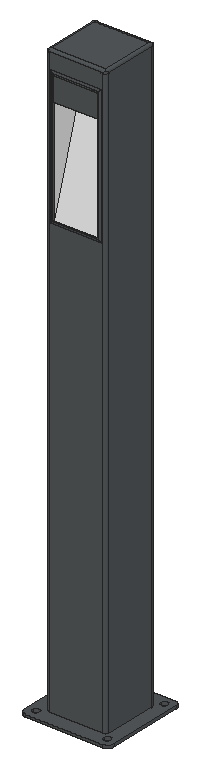
Revit family "svetilnik_alfresco_ar deko_dtu19", category Lighting Fixtures, Revit 2016 (continued)
Definition of nested family "Источник света Ар_Деко"
  Types (5, lengths in mm): name | Photometric Web File | built-in parameter 1150142
      17.1\r\n      70.7     127.6     169.2     200.9     233.3     270.9     318.0     360.7\r\n     412.2     478.7     503.3     505.5     507.3     507.4     503.8     503.1\r\n     503.7     501.1     501.8     500.2     497.7     495.5     490.5     489.3\r\n     486.2     483.3     479.6     478.9     475.2     473.6     465.7     460.3\r\n     458.4     453.9     450.2     443.7     436.4     434.0     427.0     424.6\r\n     420.4     413.0     405.2     393.4     376.0     350.9     326.7     296.4\r\n     278.8     261.1     242.1     230.1     219.4     206.0     188.9     175.8\r\n     164.5     149.4     137.8     125.5     112.2      96.6      78.5      64.0\r\n      51.0      39.0      23.5       7.4       1.4       0.2       0.2       0.2\r\n       0.2       0.2       0.2       0.2       0.2       0.2       0.2       0.2\r\n       0.2       0.2       0.2       0.2       0.2       0.2       0.2       0.2\r\n       0.2       0.2       0.2       0.2       0.2       0.2       0.2       0.2\r\n       0.2       0.2       0.2       0.2       0.2       0.2       0.2       0.2\r\n       0.2       0.2       0.2       0.2       0.2       0.2       0.2       0.2\r\n       0.2       0.2       0.2       0.2       0.2       0.2       0.2       0.2\r\n       0.2       0.2       0.2       0.2       0.2       0.2       0.2       0.2\r\n       0.2       0.2       0.2       0.2       0.2       0.2       0.2       0.2\r\n       0.2       0.2       0.2       0.2       0.2       0.2       0.2       0.2\r\n       0.2       0.2       0.2       0.2       0.2       0.2       0.2       0.2\r\n       0.2       0.2       0.2       0.1       0.1       0.1       0.0       0.0\r\n       0.0       0.1       0.0       0.0       0.0\r\n       0.0       0.0       0.3       0.2       0.2       0.2       0.2       0.2\r\n       0.2       0.3       0.3       0.3       0.3       0.3       5.4      42.1\r\n     104.4     155.2     190.4     224.0     260.7     306.6     353.2     401.1\r\n     468.3     505.9     515.3     514.4     515.1     513.3     511.9     512.3\r\n     511.4     508.1     503.7     502.5     502.3     499.8     501.4     499.0\r\n     495.2     490.1     489.9     484.8     484.4     476.4     476.3     476.7\r\n     471.3     463.1     458.1     455.8     447.8     442.1     439.2     432.1\r\n     425.8     417.7     407.5     391.4     367.5     337.0     309.3     291.4\r\n     274.2     260.3     243.4     230.0     218.1     199.7     186.0     177.4\r\n     163.4     147.4     136.6     125.3     106.9      91.7      75.2      63.9\r\n      54.9      38.2      20.3       2.6       0.3       0.2       0.2       0.2\r\n       0.2       0.2       0.2       0.2       0.2       0.2       0.2       0.2\r\n       0.2       0.2       0.2       0.2       0.2       0.2       0.2       0.2\r\n       0.2       0.2       0.2       0.2       0.2       0.2       0.2       0.2\r\n       0.2       0.2       0.2       0.2       0.2       0.2       0.2       0.2\r\n       0.2       0.2       0.2       0.2       0.2       0.2       0.2       0.2\r\n       0.2       0.2       0.2       0.2       0.2       0.2       0.2       0.2\r\n       0.2       0.2       0.2       0.2       0.2       0.2       0.2       0.2\r\n       0.2       0.2       0.2       0.2       0.2       0.2       0.2       0.2\r\n       0.2       0.2       0.2       0.2       0.2       0.2       0.2       0.2\r\n       0.2       0.2       0.2       0.2       0.2       0.2       0.2       0.2\r\n       0.2       0.2       0.2       0.1       0.1       0.1       0.0       0.0\r\n       0.0       0.1       0.0       0.0       0.0\r\n       0.0       0.0       0.3       0.2       0.3       0.2       0.2       0.2\r\n       0.2       0.3       0.3       0.3       0.3       0.5      14.8      70.1\r\n     134.3     177.3     210.4     247.0     291.6     339.1     382.2     449.7\r\n     510.8     519.7     519.7     521.6     521.5     517.1     518.0     517.1\r\n     515.1     514.8     513.7     513.0     512.1     512.4     507.9     502.8\r\n     502.5     500.8     495.2     492.0     487.9     492.2     486.0     476.8\r\n     475.7     472.9     466.5     459.8     457.2     451.4     446.4     441.2\r\n     432.4     420.4     405.7     381.4     353.1     326.7     306.2     291.8\r\n     273.0     256.2     245.4     234.2     216.9     202.7     190.6     180.3\r\n     165.8     148.6     139.2     124.4     105.4      89.4      76.2      64.5\r\n      51.4      33.9      16.4       3.6       0.3       0.2       0.2       0.2\r\n       0.2       0.2       0.2       0.2       0.2       0.2       0.2       0.2\r\n       0.2       0.2       0.2       0.2       0.2       0.2       0.2       0.2\r\n       0.2       0.2       0.2       0.2       0.2       0.2       0.2       0.2\r\n       0.2       0.2       0.2       0.2       0.2       0.2       0.2       0.2\r\n       0.2       0.2       0.2       0.2       0.2       0.2       0.2       0.2\r\n       0.2       0.2       0.2       0.2       0.2       0.2       0.2       0.2\r\n       0.2       0.2       0.2       0.2       0.2       0.2       0.2       0.2\r\n       0.2       0.2       0.2       0.2       0.2       0.2       0.2       0.2\r\n       0.2       0.2       0.2       0.2       0.2       0.2       0.2       0.2\r\n       0.2       0.2       0.2       0.2       0.2       0.2       0.2       0.2\r\n       0.2       0.2       0.2       0.1       0.1       0.1       0.0       0.0\r\n       0.0       0.1       0.0       0.0       0.0\r\n       0.0       0.0       0.3       0.2       0.3       0.2       0.2       0.2\r\n       0.2       0.3       0.3       0.3       0.3       1.4      33.1      96.2\r\n     153.9     193.3     228.3     268.6     317.0     360.6     413.7     488.5\r\n     517.8     521.4     520.2     519.8     521.0     518.9     521.0     519.8\r\n     518.2     519.0     520.0     517.6     516.1     515.6     513.2     511.7\r\n     509.3     504.9     501.8     500.4     497.1     489.2     487.4     484.4\r\n     479.2     472.6     470.9     469.3     462.8     457.2     450.3     443.3\r\n     433.7     420.6     392.5     364.2     337.4     315.8     302.3     283.5\r\n     267.5     254.6     245.0     227.3     209.2     200.5     190.2     172.2\r\n     157.6     146.6     134.6     119.2     103.9      86.7      72.5      63.8\r\n      44.9      26.1       9.7       1.4       0.2       0.2       0.2       0.2\r\n       0.2       0.2       0.2       0.2       0.2       0.2       0.2       0.2\r\n       0.2       0.2       0.2       0.2       0.2       0.2       0.2       0.2\r\n       0.2       0.2       0.2       0.2       0.2       0.2       0.2       0.2\r\n       0.2       0.2       0.2       0.2       0.2       0.2       0.2       0.2\r\n       0.2       0.2       0.2       0.2       0.2       0.2       0.2       0.2\r\n       0.2       0.2       0.2       0.2       0.2       0.2       0.2       0.2\r\n       0.2       0.2       0.2       0.2       0.2       0.2       0.2       0.2\r\n       0.2       0.2       0.2       0.2       0.2       0.2       0.2       0.2\r\n       0.2       0.2       0.2       0.2       0.2       0.2       0.2       0.2\r\n       0.2       0.2       0.2       0.2       0.2       0.2       0.2       0.2\r\n       0.2       0.2       0.2       0.1       0.1       0.1       0.0       0.0\r\n       0.0       0.1       0.0       0.0       0.0\r\n       0.0       0.0       0.3       0.2       0.3       0.2       0.2       0.2\r\n       0.2       0.3       0.3       0.3       0.3       4.8      57.0     121.9\r\n     168.3     205.0     244.5     288.2     334.0     383.8     451.8     509.6\r\n     518.4     519.8     522.3     523.9     524.9     525.5     524.3     523.7\r\n     523.2     523.8     519.7     521.7     519.5     517.7     514.9     511.4\r\n     509.2     509.4     509.6     505.6     501.1     499.3     493.0     487.0\r\n     486.7     485.6     478.7     472.2     465.9     458.7     453.0     446.0\r\n     435.5     415.2     391.0     362.2     336.0     317.7     298.6     284.1\r\n     271.3     260.4     248.3     230.6     214.8     204.5     194.0     174.1\r\n     161.1     151.6     137.4     119.1     102.8      85.1      73.6      62.6\r\n      48.0      26.5       8.5       0.7       0.2       0.2       0.2       0.2\r\n       0.2       0.2       0.2       0.2       0.2       0.2       0.2       0.2\r\n       0.2       0.2       0.2       0.2       0.2       0.2       0.2       0.2\r\n       0.2       0.2       0.2       0.2       0.2       0.2       0.2       0.2\r\n       0.2       0.2       0.2       0.2       0.2       0.2       0.2       0.2\r\n       0.2       0.2       0.2       0.2       0.2       0.2       0.2       0.2\r\n       0.2       0.2       0.2       0.2       0.2       0.2       0.2       0.2\r\n       0.2       0.2       0.2       0.2       0.2       0.2       0.2       0.2\r\n       0.2       0.2       0.2       0.2       0.2       0.2       0.2       0.2\r\n       0.2       0.2       0.2       0.2       0.2       0.2       0.2       0.2\r\n       0.2       0.2       0.2       0.2       0.2       0.2       0.2       0.2\r\n       0.2       0.2       0.2       0.1       0.1       0.1       0.0       0.0\r\n       0.0       0.1       0.0       0.0       0.0\r\n       0.0       0.0       0.3       0.2       0.3       0.2       0.2       0.2\r\n       0.2       0.3       0.3       0.3       0.3      13.8      78.5     141.8\r\n     183.3     221.0     261.1     306.3     351.7     416.3     488.6     518.7\r\n     521.9     522.4     526.0     526.3     525.0     527.3     523.8     525.3\r\n     525.6     523.5     526.1     522.7     520.1     516.7     515.5     513.7\r\n     515.2     511.0     504.9     505.7     502.5     498.1     500.2     495.8\r\n     488.1     481.5     478.2     472.3     469.0     467.0     462.5     452.1\r\n     432.6     399.2     369.5     344.7     326.4     313.1     297.3     279.2\r\n     267.9     259.3     240.2     223.7     215.5     202.9     186.8     171.8\r\n     161.9     151.6     133.1     118.7      99.3      82.3      72.0      54.8\r\n      35.6      17.2       4.5       0.5       0.2       0.2       0.2       0.2\r\n       0.2       0.2       0.2       0.2       0.2       0.2       0.2       0.2\r\n       0.2       0.2       0.2       0.2       0.2       0.2       0.2       0.2\r\n       0.2       0.2       0.2       0.2       0.2       0.2       0.2       0.2\r\n       0.2       0.2       0.2       0.2       0.2       0.2       0.2       0.2\r\n       0.2       0.2       0.2       0.2       0.2       0.2       0.2       0.2\r\n       0.2       0.2       0.2       0.2       0.2       0.2       0.2       0.2\r\n       0.2       0.2       0.2       0.2       0.2       0.2       0.2       0.2\r\n       0.2       0.2       0.2       0.2       0.2       0.2       0.2       0.2\r\n       0.2       0.2       0.2       0.2       0.2       0.2       0.2       0.2\r\n       0.2       0.2       0.2       0.2       0.2       0.3       0.3       0.2\r\n       0.2       0.2       0.2       0.1       0.1       0.1       0.0       0.1\r\n       0.1       0.1       0.0       0.0       0.0\r\n       0.0       0.0       0.3       0.2       0.3       0.2       0.2       0.2\r\n       0.3       0.3       0.3       0.3       0.5      27.7      98.1     156.7\r\n     200.1     240.8     281.7     327.0     377.5     451.7     514.6     526.2\r\n     529.5     531.5     530.1     530.7     529.3     528.6     530.3     530.2\r\n     529.8     527.5     522.1     524.1     526.6     526.8     524.1     522.6\r\n     519.6     522.4     516.4     510.0     506.4     505.1     499.7     491.9\r\n     490.7     487.4     483.4     481.6     474.6     465.6     458.0     439.7\r\n     418.2     393.1     365.6     343.1     326.1     307.9     292.8     280.7\r\n     271.9     258.6     239.0     222.4     212.3     202.2     182.4     168.8\r\n     160.2     144.4     130.1     111.9      95.2      81.1      72.6      59.8\r\n      40.0      17.4       2.3       0.2       0.2       0.2       0.2       0.2\r\n       0.2       0.2       0.2       0.2       0.2       0.2       0.2       0.2\r\n       0.2       0.2       0.2       0.2       0.2       0.2       0.2       0.2\r\n       0.2       0.2       0.2       0.2       0.2       0.2       0.2       0.2\r\n       0.2       0.2       0.2       0.2       0.2       0.2       0.2       0.2\r\n       0.2       0.2       0.2       0.2       0.2       0.2       0.2       0.2\r\n       0.2       0.2       0.2       0.2       0.2       0.2       0.2       0.2\r\n       0.2       0.2       0.2       0.2       0.2       0.2       0.2       0.2\r\n       0.2       0.2       0.2       0.2       0.2       0.2       0.2       0.2\r\n       0.2       0.2       0.2       0.2       0.2       0.2       0.2       0.2\r\n       0.2       0.2       0.2       0.2       0.2       0.3       0.3       0.2\r\n       0.2       0.2       0.2       0.1       0.1       0.1       0.0       0.1\r\n       0.1       0.1       0.0       0.0       0.0\r\n       0.0       0.0       0.3       0.2       0.3       0.2       0.2       0.2\r\n       0.3       0.3       0.3       0.3       0.9      43.2     115.9     169.9\r\n     214.3     254.2     298.3     350.3     408.5     488.3     531.2     535.2\r\n     535.3     536.0     534.6     532.2     532.0     533.0     531.1     529.1\r\n     526.0     528.2     531.8     529.5     529.6     528.6     522.4     522.1\r\n     518.2     512.8     509.7     508.5     506.5     505.9     500.0     498.0\r\n     496.0     491.2     485.8     478.5     476.8     470.8     460.2     442.0\r\n     412.6     383.3     355.3     338.2     325.9     308.0     291.6     278.3\r\n     265.0     247.2     230.5     223.1     214.2     199.4     180.5     171.7\r\n     164.3     145.1     126.6     107.6      90.0      79.9      66.5      49.2\r\n      30.2      11.2       0.9       0.2       0.2       0.2       0.2       0.2\r\n       0.2       0.2       0.2       0.2       0.2       0.2       0.2       0.2\r\n       0.2       0.2       0.2       0.2       0.2       0.2       0.2       0.2\r\n       0.2       0.2       0.2       0.2       0.2       0.2       0.2       0.2\r\n       0.2       0.2       0.2       0.2       0.2       0.2       0.2       0.2\r\n       0.2       0.2       0.2       0.2       0.2       0.2       0.2       0.2\r\n       0.2       0.2       0.2       0.2       0.2       0.2       0.2       0.2\r\n       0.2       0.2       0.2       0.2       0.2       0.2       0.2       0.2\r\n       0.2       0.2       0.2       0.2       0.3       0.2       0.2       0.2\r\n       0.2       0.2       0.2       0.2       0.2       0.2       0.2       0.2\r\n       0.2       0.2       0.3       0.3       0.2       0.3       0.3       0.2\r\n       0.2       0.2       0.2       0.1       0.1       0.1       0.1       0.1\r\n       0.1       0.1       0.0       0.0       0.0\r\n       0.0       0.0       0.3       0.2       0.3       0.2       0.2       0.2\r\n       0.3       0.3       0.3       0.3       2.0      60.9     130.4     179.8\r\n     221.7     258.7     308.2     361.1     432.1     516.3     537.6     537.3\r\n     537.1     535.2     532.5     533.8     533.3     533.0     531.4     529.7\r\n     532.8     530.8     529.4     525.7     520.0     520.7     518.7     518.2\r\n     517.4     514.0     514.6     510.8     506.0     504.1     501.9     498.7\r\n     494.7     491.4     490.1     485.6     479.9     469.5     451.1     431.8\r\n     405.0     374.5     351.7     334.2     322.0     301.8     287.1     281.6\r\n     267.1     247.4     233.7     224.9     213.1     196.7     183.6     173.3\r\n     162.7     142.5     125.3     105.4      90.3      81.3      66.3      50.3\r\n      31.3      11.8       1.5       0.2       0.2       0.2       0.2       0.2\r\n       0.2       0.2       0.2       0.2       0.2       0.2       0.2       0.2\r\n       0.2       0.2       0.2       0.2       0.2       0.2       0.2       0.2\r\n       0.2       0.2       0.2       0.2       0.2       0.2       0.2       0.2\r\n       0.2       0.2       0.2       0.2       0.2       0.2       0.2       0.2\r\n       0.2       0.2       0.2       0.2       0.2       0.2       0.2       0.2
      \r\n       0.2       0.2       0.2       0.2       0.2       0.2       0.2       0.2\r\n       0.2       0.2       0.2       0.2       0.2       0.2       0.2       0.2\r\n       0.2       0.2       0.2       0.2       0.3       0.2       0.2       0.2\r\n       0.2       0.2       0.3       0.3       0.2       0.3       0.3       0.3\r\n       0.3       0.3       0.3       0.2       0.2       0.3       0.3       0.2\r\n       0.2       0.2       0.2       0.2       0.1       0.1       0.1       0.1\r\n       0.1       0.1       0.0       0.0       0.0\r\n       0.0       0.0       0.3       0.2       0.3       0.2       0.2       0.2\r\n       0.3       0.3       0.3       0.3       4.6      78.9     142.8     185.9\r\n     223.5     262.1     318.1     370.2     458.1     526.7     535.8     533.9\r\n     533.3     532.6     534.8     534.8     534.7     533.1     535.8     535.6\r\n     535.7     535.4     531.6     532.7     531.1     524.8     522.6     522.4\r\n     517.1     515.0     512.4     511.3     510.4     507.2     504.4     500.2\r\n     495.5     493.1     489.6     486.2     479.2     471.1     450.6     421.7\r\n     391.2     365.6     348.9     339.1     318.4     302.9     291.3     277.1\r\n     263.7     243.6     235.5     228.9     210.2     192.3     180.0     172.6\r\n     155.7     137.7     122.3     103.6      91.6      83.6      66.9      43.2\r\n      19.9       5.3       0.9       0.2       0.2       0.2       0.2       0.2\r\n       0.2       0.2       0.2       0.2       0.2       0.2       0.2       0.2\r\n       0.2       0.2       0.2       0.2       0.2       0.2       0.2       0.2\r\n       0.2       0.2       0.2       0.2       0.2       0.2       0.2       0.2\r\n       0.2       0.2       0.2       0.2       0.2       0.2       0.2       0.2\r\n       0.2       0.2       0.2       0.2       0.2       0.2       0.2       0.2\r\n       0.2       0.2       0.2       0.2       0.2       0.2       0.2       0.2\r\n       0.2       0.2       0.2       0.2       0.2       0.2       0.2       0.2\r\n       0.2       0.2       0.2       0.3       0.3       0.3       0.2       0.3\r\n       0.2       0.3       0.3       0.3       0.3       0.3       0.3       0.3\r\n       0.3       0.3       0.3       0.3       0.2       0.3       0.3       0.3\r\n       0.3       0.2       0.2       0.2       0.1       0.1       0.1       0.1\r\n       0.1       0.1       0.0       0.0       0.0\r\n       0.0       0.0       0.3       0.2       0.3       0.2       0.2       0.2\r\n       0.3       0.4       0.3       0.4      10.6      91.2     152.8     193.3\r\n     230.4     273.9     332.1     387.0     483.5     527.0     529.1     529.4\r\n     531.5     532.1     536.3     536.5     537.8     536.7     535.4     534.9\r\n     532.4     531.9     530.5     529.1     529.4     528.0     526.3     524.6\r\n     525.1     522.4     517.3     512.3     511.7     507.9     504.6     502.8\r\n     500.7     498.3     492.5     485.9     477.2     465.6     443.3     418.5\r\n     391.4     362.9     344.9     330.7     313.0     297.6     290.6     281.1\r\n     263.8     246.0     234.3     224.1     209.5     195.4     181.9     171.7\r\n     155.3     138.6     124.0     103.1      91.1      79.4      62.1      44.5\r\n      23.2       5.7       0.5       0.2       0.2       0.2       0.2       0.2\r\n       0.2       0.2       0.2       0.2       0.2       0.2       0.2       0.2\r\n       0.2       0.2       0.2       0.2       0.2       0.2       0.2       0.2\r\n       0.2       0.2       0.2       0.2       0.2       0.2       0.2       0.2\r\n       0.2       0.2       0.2       0.2       0.2       0.2       0.2       0.2\r\n       0.2       0.2       0.2       0.2       0.2       0.2       0.2       0.2\r\n       0.2       0.2       0.2       0.2       0.2       0.2       0.2       0.2\r\n       0.2       0.2       0.2       0.2       0.2       0.2       0.2       0.3\r\n       0.3       0.3       0.2       0.3       0.3       0.3       0.3       0.3\r\n       0.3       0.3       0.3       0.3       0.3       0.3       0.3       0.3\r\n       0.3       0.3       0.3       0.3       0.3       0.3       0.3       0.3\r\n       0.3       0.2       0.2       0.2       0.1       0.1       0.1       0.1\r\n       0.1       0.1       0.0       0.0       0.0\r\n       0.0       0.0       0.3       0.2       0.3       0.2       0.2       0.2\r\n       0.3       0.4       0.3       0.4      19.5      97.9     159.2     203.3\r\n     245.7     295.2     350.0     404.0     496.9     525.7     524.4     525.9\r\n     528.8     531.2     533.4     534.8     536.6     538.5     538.2     539.2\r\n     538.2     540.7     540.6     536.5     534.0     532.2     531.4     526.1\r\n     526.9     524.4     521.8     521.5     519.9     514.6     513.7     509.8\r\n     498.4     495.1     493.8     488.0     480.8     466.4     440.6     408.7\r\n     379.6     362.8     346.4     330.2     310.8     298.1     290.5     272.1\r\n     256.8     243.4     235.9     223.3     203.5     188.3     179.2     168.8\r\n     150.6     134.1     115.7     101.8      91.0      78.6      60.2      38.3\r\n      17.5       3.9       0.6       0.2       0.2       0.2       0.2       0.2\r\n       0.2       0.2       0.2       0.2       0.2       0.2       0.2       0.2\r\n       0.2       0.2       0.2       0.2       0.2       0.2       0.2       0.2\r\n       0.2       0.2       0.2       0.2       0.2       0.2       0.2       0.2\r\n       0.2       0.2       0.2       0.2       0.2       0.2       0.2       0.2\r\n       0.2       0.2       0.2       0.2       0.2       0.2       0.2       0.2\r\n       0.2       0.2       0.2       0.3       0.2       0.2       0.3       0.2\r\n       0.2       0.2       0.3       0.2       0.3       0.2       0.3       0.3\r\n       0.3       0.3       0.3       0.3       0.3       0.3       0.3       0.3\r\n       0.3       0.3       0.3       0.3       0.3       0.3       0.3       0.3\r\n       0.3       0.3       0.3       0.3       0.3       0.3       0.3       0.3\r\n       0.3       0.3       0.3       0.2       0.1       0.1       0.1       0.1\r\n       0.1       0.1       0.0       0.0       0.0\r\n       0.0       0.0       0.3       0.2       0.3       0.2       0.2       0.2\r\n       0.3       0.4       0.3       0.4      27.1     103.7     162.8     210.4\r\n     255.5     309.3     364.3     425.8     510.3     529.1     530.1     531.7\r\n     534.6     534.5     535.2     538.5     534.0     540.3     539.5     538.3\r\n     540.7     536.3     536.0     536.8     535.5     531.1     530.8     530.1\r\n     526.4     524.1     525.1     522.4     521.5     515.4     513.3     512.8\r\n     508.9     506.9     502.3     496.8     490.9     468.4     443.5     414.8\r\n     386.1     363.2     350.0     332.8     313.4     300.0     291.4     276.8\r\n     258.7     244.6     235.6     223.8     206.8     194.0     185.6     173.6\r\n     152.3     136.6     116.8      97.9      87.4      74.9      59.9      38.1\r\n      17.2       2.9       0.3       0.3       0.2       0.2       0.2       0.3\r\n       0.2       0.2       0.3       0.3       0.2       0.2       0.2       0.2\r\n       0.2       0.2       0.2       0.2       0.2       0.2       0.2       0.2\r\n       0.3       0.2       0.2       0.2       0.2       0.2       0.3       0.2\r\n       0.2       0.2       0.2       0.3       0.3       0.3       0.3       0.2\r\n       0.2       0.3       0.2       0.3       0.3       0.3       0.3       0.3\r\n       0.3       0.3       0.3       0.3       0.3       0.3       0.3       0.3\r\n       0.3       0.3       0.3       0.3       0.3       0.3       0.3       0.3\r\n       0.3       0.3       0.3       0.3       0.3       0.3       0.3       0.3\r\n       0.3       0.3       0.3       0.3       0.3       0.3       0.3       0.3\r\n       0.3       0.3       0.3       0.3       0.3       0.3       0.3       0.3\r\n       0.3       0.3       0.3       0.2       0.1       0.1       0.1       0.1\r\n       0.1       0.1       0.0       0.0       0.0\r\n       0.0       0.0       0.3       0.2       0.3       0.2       0.2       0.2\r\n       0.3       0.4       0.3       0.6      31.4     109.5     166.2     212.1\r\n     254.3     309.1     362.6     435.6     513.3     535.3     537.2     539.5\r\n     537.0     540.4     539.5     539.5     539.6     539.4     537.3     538.8\r\n     537.9     538.1     537.0     536.2     539.1     541.1     538.4     538.2\r\n     538.6     537.6     532.5     525.5     520.7     518.0     517.1     513.8\r\n     508.3     506.1     504.3     499.0     484.4     463.9     431.7     401.4\r\n     376.5     358.3     347.3     327.1     306.1     298.5     290.2     274.7\r\n     259.1     247.4     238.4     223.1     203.6     190.6     182.0     167.2\r\n     147.1     131.8     112.2      98.5      88.8      76.2      56.0      35.6\r\n      16.4       2.5       0.3       0.3       0.3       0.3       0.3       0.3\r\n       0.3       0.3       0.3       0.3       0.3       0.3       0.3       0.3\r\n       0.3       0.3       0.3       0.3       0.3       0.3       0.3       0.3\r\n       0.3       0.3       0.3       0.3       0.3       0.3       0.3       0.3\r\n       0.3       0.3       0.3       0.3       0.3       0.3       0.3       0.3\r\n       0.3       0.3       0.3       0.3       0.3       0.3       0.3       0.3\r\n       0.3       0.3       0.3       0.3       0.3       0.3       0.3       0.3\r\n       0.3       0.3       0.3       0.3       0.3       0.3       0.3       0.3\r\n       0.3       0.3       0.3       0.3       0.3       0.3       0.3       0.3\r\n       0.3       0.3       0.3       0.3       0.3       0.3       0.3       0.3\r\n       0.3       0.3       0.3       0.3       0.3       0.3       0.3       0.3\r\n       0.3       0.3       0.3       0.2       0.1       0.1       0.1       0.1\r\n       0.1       0.1       0.0       0.0       0.0\r\n       0.0       0.0       0.3       0.2       0.3       0.2       0.2       0.2\r\n       0.3       0.4       0.3       0.7      35.3     114.3     169.4     211.3\r\n     250.7     303.9     354.9     436.0     514.4     537.1     540.8     543.3\r\n     541.3     544.1     541.7     541.0     541.5     539.4     542.7     541.0\r\n     540.1     542.3     542.6     540.3     537.2     536.8     537.3     537.3\r\n     535.5     532.3     527.4     527.7     528.8     527.2     521.5     520.9\r\n     517.6     510.3     502.1     495.9     483.4     457.5     430.2     403.3\r\n     375.2     356.3     343.1     328.7     313.9     303.7     291.4     268.9\r\n     251.3     243.9     234.3     221.1     204.0     192.2     185.5     172.6\r\n     151.8     135.7     114.9      99.8      87.9      71.9      54.3      36.2\r\n      11.9       1.9       0.3       0.3       0.3       0.3       0.3       0.3\r\n       0.3       0.3       0.3       0.3       0.3       0.3       0.3       0.3\r\n       0.3       0.3       0.3       0.3       0.3       0.3       0.3       0.3\r\n       0.3       0.3       0.3       0.3       0.3       0.3       0.3       0.3\r\n       0.3       0.3       0.3       0.3       0.3       0.3       0.3       0.3\r\n       0.3       0.3       0.3       0.3       0.3       0.3       0.3       0.3\r\n       0.3       0.3       0.3       0.3       0.3       0.3       0.3       0.3\r\n       0.3       0.3       0.3       0.3       0.3       0.3       0.3       0.3\r\n       0.3       0.3       0.3       0.3       0.3       0.3       0.3       0.3\r\n       0.3       0.3       0.3       0.3       0.3       0.3       0.3       0.3\r\n       0.3       0.3       0.3       0.3       0.4       0.3       0.3       0.3\r\n       0.3       0.3       0.3       0.2       0.1       0.1       0.1       0.1\r\n       0.1       0.1       0.0       0.0       0.0\r\n       0.0       0.0       0.3       0.2       0.3       0.2       0.2       0.2\r\n       0.3       0.4       0.3       0.7      40.0     116.6     170.4     211.8\r\n     252.8     307.4     357.2     439.0     514.5     533.9     539.0     540.9\r\n     541.5     540.2     540.5     542.9     542.6     541.7     538.4     538.3\r\n     537.7     537.4     538.8     542.3     537.9     537.5     538.0     534.0\r\n     531.1     530.1     530.4     528.4     524.9     526.0     523.7     518.4\r\n     512.6     507.1     501.8     494.2     478.4     454.0     426.9     395.5\r\n     372.9     358.1     341.9     323.2     309.6     299.7     288.2     270.6\r\n     252.3     243.9     234.1     218.3     203.0     193.9     184.1     168.5\r\n     147.5     130.7     109.3      94.1      86.6      74.5      54.5      28.8\r\n      12.5       2.7       0.4       0.3       0.3       0.3       0.3       0.3\r\n       0.3       0.3       0.3       0.3       0.3       0.3       0.3       0.3\r\n       0.3       0.3       0.3       0.3       0.3       0.3       0.3       0.3\r\n       0.3       0.3       0.3       0.3       0.3       0.3       0.3       0.3\r\n       0.3       0.3       0.3       0.3       0.3       0.3       0.3       0.3\r\n       0.3       0.3       0.3       0.3       0.3       0.3       0.3       0.3\r\n       0.3       0.4       0.3       0.3       0.3       0.3       0.3       0.3\r\n       0.3       0.3       0.3       0.3       0.4       0.4       0.3       0.4\r\n       0.4       0.4       0.3       0.4       0.4       0.4       0.4       0.3\r\n       0.3       0.3       0.4       0.4       0.4       0.3       0.3       0.4\r\n       0.3       0.3       0.3       0.3       0.4       0.3       0.3       0.3\r\n       0.3       0.3       0.3       0.2       0.1       0.1       0.1       0.1\r\n       0.1       0.1       0.0       0.0       0.0\r\n"
